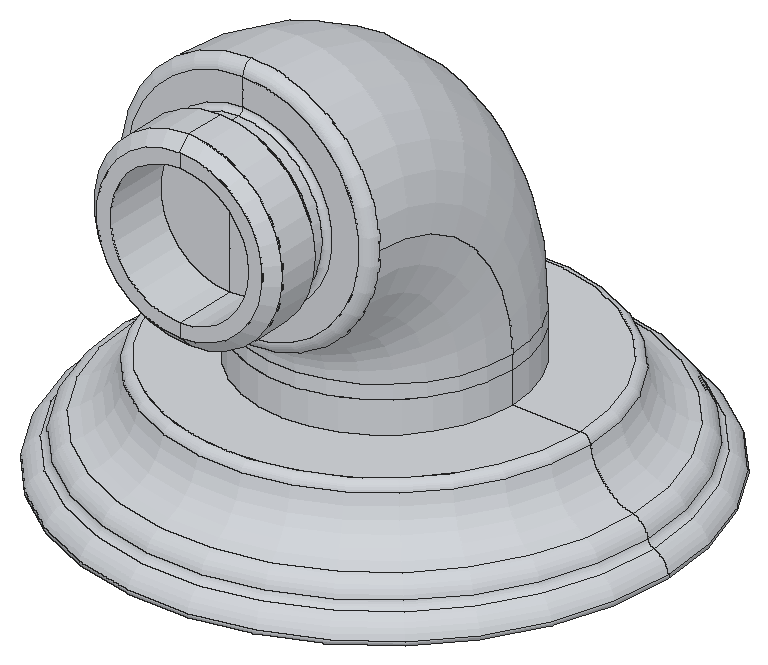
Revit family "Shower-Wall_Supply_Elbow-KOHLER-Bancroft-K-22173", category Plumbing Fixtures, host Face, Revit 2015
Parameters (values of type "CP-Polished Chrome")
  Width = 2 1/2"  # constant formula
  Waste Water Outlet = "Waste Water Outlet"  # constant formula
  Waste Connection = 1 = 0  # no
  Vent Connection = 1 = 0  # no
  URL = "https://www.us.kohler.com/us/"
  Type = 1
  Product Page URL = "http://www.us.kohler.com/us/catalog/productDetails.jsp?productNumber=22173"
  Product Name = "Bancroft"  # constant formula
  Product Documentation Link = "http://www.us.kohler.com/onlinecatalog/pdf/K-22173_spec.pdf"
  Panel Thickness = 0"
  Model = if(Type = 1, "K-22173-CP", if(Type = 2, "K-22173-SN", if(Type = 3, "K-22173-PB", if(Type = 4, "K-22173-BN", if(Type = 5, "K-22173-BV", if(Type = 6, "K-22173-2BZ", "NA"))))))  # "K-22173-CP"
  Material = "Brass Construction"  # constant formula
  MasterFormat 2004 = "22.41.23"  # constant formula
  MasterFormat 1995 = "15410"  # constant formula
  Manufacturer Address = "444 Highland Dr, Kohler, WI 53044"  # constant formula
  Manufacturer = "KOHLER Co."  # constant formula
  Length = 1 15/16"  # constant formula
  Hot Water Inlet = "Tempered Water Inlet"  # constant formula
  Height = 2 1/2"  # constant formula
  HW Connection = 1 = 1  # yes
  Finish = Kohler-Metal-CP-Polished_Chrome
  Environmental Product Declaration = ""
  Drain Included = 1 = 0  # no
  Description = "Wall-mount supply elbow with check valve"  # constant formula
  Default Elevation = 36"
  Declare Label = ""
  Date Modified = "12/17/2018"  # constant formula
  Date Created = "12/17/2018"  # constant formula
  Copyright = "Copyright KOHLER Co."  # constant formula
  Contact Us = "https://www.us.kohler.com/us/static/contact.jsp"
  Cold Water Inlet = "Cold Water Inlet"  # constant formula
  CW Connection = 1 = 0  # no
  Assembly Code = "D2010700"
  ADA Compliant = 1 = 0  # no
Types (7): name | Type | Model | Finish
  (no name) | 1 | "K-22173-CP" | Kohler-Metal-CP-Polished_Chrome
  CP-Polished Chrome | 1 | "K-22173-CP" | Kohler-Metal-CP-Polished_Chrome
  SN-Vibrant Polished Nickel | 2 | "K-22173-SN" | Kohler-Metal-SN-Vibrant_Polished_Nickel
  PB-Vibrant Polished Brass | 3 | "K-22173-PB" | Kohler-Metal-PB-Vibrant_Polished_Brass
  BN-Vibrant Brushed Nickel | 4 | "K-22173-BN" | Kohler-Metal-BN-Vibrant_Brushed_Nickel
  BV-Vibrant Brushed Bronze | 5 | "K-22173-BV" | Kohler-Metal-BV-Brushed_Bronze
  2BZ-Oil Rubbed Bronze | 6 | "K-22173-2BZ" | Kohler-Metal-2BZ-Oil_Rubbed_Bronze
Reference planes (in)
  plane 1 "Center (Front/Back)": y = 0
  plane 2: z = 0
  plane 3 "Center (Left/Right)": x = 0
  plane 4: y = 1.25
  plane 5: x = 1.25
  plane 6: y = -1.25
  plane 7: x = -1.25
  plane 8: z = 1.9375
Dimensions and locks (in)
  "Width": plane 5 to plane 7
  "Length": plane 8 to level
  "Height": plane 6 to plane 4
  aligned and locked: host face to plane 2
  aligned and locked: host face to level
Automatic sketch dimensions
  host sketch curve to host sketch curve = 96"  (x2)
Nested families (in)
  nested 1: "K-22173" at (0, 0, 0), type "K-22173"
Connectors (in)
  piping at (0, 0, 0), diameter 0.5, driven by "HW Connection", driven by "Hot Water Inlet"
    settings: on nested 1, index 1, connector inside diameter 24", connector length 0", flow factor 0, pipe flow 0 GPM, pressure drop 0.00 psi, fitting loss kfactor 0, connector angle 0.00°, fixture units 0, engagement length 0", angle of deflection 0.00°, flow configuration 0, flow direction 1, fitting loss method 0, system type 19, joint type 0, gender type 0, connector reference index -1, connector utility 1, adjustable connector no, is connector primary yes, connector description "Tempered Water Inlet"
Definition of nested family "K-22173"
  Parameters (values of type "K-22173")
    Material = none
  Reference planes (in)
    plane 1 "Center (Front/Back)": y = 0
    plane 2: z = 0
    plane 3 "Center (Left/Right)": x = 0
    plane 4: y = -1.25
    plane 5: y = 1.25
    plane 6: z = 1.9375
    plane 7: x = 1.25
    plane 8: x = -1.25
  Forms (in)
    Revolve 1, solid, material <- "Material", detail levels medium+fine
      sketch origin (0, 0, 0) x (1, 0, 0) y (0, 0, 1)
        loop
          line (0, 0) -> (0, 0.62254) -> (-0.539, 0.62254) -> (-0.5625, 0.58771) -> (-0.5625, 0.44998) -> (-0.8634, 0.44998)
          arc (-0.8634, 0.44998) -> (-0.89158, 0.43944) -> (-0.90595, 0.41301) r 0.04297
          arc (-0.90595, 0.41301) -> (-0.96717, 0.28126) -> (-1.09131, 0.20579) r 0.25
          arc (-1.09131, 0.20579) -> (-1.13513, 0.17945) -> (-1.15735, 0.13341) r 0.08941
          arc (-1.15735, 0.13341) -> (-1.16564, 0.11436) -> (-1.18209, 0.10166) r 0.0418
          arc (-1.18209, 0.10166) -> (-1.22495, 0.07009) -> (-1.24949, 0.02285) r 0.11754
          arc (-1.24949, 0.02285) -> (-1.24622, 0.00708) -> (-1.23175, 0) r 0.01831
          line (-1.23175, 0) -> (0, 0)
        axis (0, 0.62254) -> (0, 0)
      angle from 0 to 360
    Sweep 2, solid, material <- "Material", detail levels medium+fine
      path origin (0, 0, -0.00489) x (0, 1, 0) y (0, 0, 1)
        loop
          line (0, 0.59259) -> (0, 0.65425)
          arc (0, 0.65425) -> (-0.21253, 1.16735) -> (-0.72564, 1.37989) r 0.72564
      profile origin (0, 0, 0.61854) x (0, -1, 0) y (1, 0, 0)
        loop
          circle (0, 0) r 0.5625
    Revolve 3, solid, material <- "Material", detail levels medium+fine
      sketch origin (0, 0, 0) x (0, 1, 0) y (0, 0, 1)
        loop
          line (-0.69518, 1.375) -> (-0.69518, 1.91617) -> (-0.72564, 1.9375)
          arc (-0.72564, 1.9375) -> (-0.76073, 1.92089) -> (-0.775, 1.88477) r 0.05284
          line (-0.775, 1.88477) -> (-0.775, 1.76405)
          arc (-0.775, 1.76405) -> (-0.78204, 1.74704) -> (-0.79905, 1.74) r 0.02405
          line (-0.79905, 1.74) -> (-0.84958, 1.74) -> (-0.89958, 1.79) -> (-1.075, 1.79) -> (-1.125, 1.74) -> (-1.125, 1.67986) -> (-0.84965, 1.67986) -> (-0.84965, 1.375) -> (-0.69518, 1.375)
        axis (-1.125, 1.375) -> (-0.69518, 1.375)
      angle from 0 to 360
    Sweep 4, solid, material <- "Material", detail levels coarse
      path origin (0, 0, 0) x (0, 1, 0) y (0, 0, 1)
        loop
          line (0, 0.44998) -> (0, 0.63602)
          arc (0, 0.63602) -> (-0.21644, 1.15856) -> (-0.73898, 1.375) r 0.73898
          line (-0.73898, 1.375) -> (-1.125, 1.375)
      profile origin (0, 0, 0.543) x (0, -1, 0) y (1, 0, 0)
        loop
          circle (0, 0) r 0.5625
    Extrusion 5, solid, material <- "Material", detail levels coarse
      sketch origin (0, 0, 0) x (1, 0, 0) y (0, 1, 0)
        loop
          circle (0, 0) r 1.25
      from 0 to 0.44998
  Cuts and joins
    joined: Revolve 1, Sweep 2, Revolve 3
    joined: Sweep 4, Extrusion 5
  Lines and regions (in)
    Masking region 1
      outline origin (0, 0, 0) x (1, 0, 0) y (0, 1, 0)
        loop
          arc (-1.25, 0) -> (-0.88388, -0.88388) -> (0, -1.25) r 1.25
          arc (0, -1.25) -> (0.88388, -0.88388) -> (1.25, 0) r 1.25
          arc (1.25, 0) -> (0.88388, 0.88388) -> (0, 1.25) r 1.25
          arc (0, 1.25) -> (-0.88388, 0.88388) -> (-1.25, 0) r 1.25
    Masking region 2
      outline origin (0, 0, 0) x (0, 1, 0) y (0, 0, 1)
        loop
          line (-1.22715, 0) -> (1.22715, 0)
          arc (1.22715, 0) -> (1.24331, 0.00669) -> (1.25, 0.02285) r 0.02285
          arc (1.25, 0.02285) -> (1.22546, 0.07009) -> (1.1826, 0.10166) r 0.11754
          arc (1.1826, 0.10166) -> (1.16615, 0.11436) -> (1.15786, 0.13341) r 0.0418
          arc (1.15786, 0.13341) -> (1.13564, 0.17945) -> (1.09182, 0.20579) r 0.08941
          arc (1.09182, 0.20579) -> (0.96768, 0.28126) -> (0.90646, 0.41301) r 0.25
          arc (0.90646, 0.41301) -> (0.89209, 0.43944) -> (0.86391, 0.44998) r 0.04297
          line (0.86391, 0.44998) -> (0.5625, 0.44998) -> (0.5625, 0.65196)
          arc (0.5625, 0.65196) -> (0.18506, 1.56189) -> (-0.72564, 1.9375) r 1.28554
          arc (-0.72564, 1.9375) -> (-0.76073, 1.92089) -> (-0.775, 1.88477) r 0.05284
          line (-0.775, 1.88477) -> (-0.775, 1.76405)
          arc (-0.775, 1.76405) -> (-0.78204, 1.74704) -> (-0.79905, 1.74) r 0.02405
          line (-0.79905, 1.74) -> (-0.84958, 1.74) -> (-0.89958, 1.79) -> (-1.075, 1.79) -> (-1.125, 1.74) -> (-1.125, 1.01) -> (-1.075, 0.96) -> (-0.89958, 0.96) -> (-0.84958, 1.01) -> (-0.79905, 1.01)
          arc (-0.79905, 1.01) -> (-0.78204, 1.00296) -> (-0.775, 0.98595) r 0.02405
          line (-0.775, 0.98595) -> (-0.775, 0.86523)
          arc (-0.775, 0.86523) -> (-0.7599, 0.82824) -> (-0.72323, 0.8124) r 0.05284
          arc (-0.72323, 0.8124) -> (-0.60938, 0.7632) -> (-0.5625, 0.64838) r 0.16405
          line (-0.5625, 0.64838) -> (-0.5625, 0.44998) -> (-0.86391, 0.44998)
          arc (-0.86391, 0.44998) -> (-0.89209, 0.43944) -> (-0.90646, 0.41301) r 0.04297
          arc (-0.90646, 0.41301) -> (-0.96768, 0.28126) -> (-1.09182, 0.20579) r 0.25
          arc (-1.09182, 0.20579) -> (-1.13564, 0.17945) -> (-1.15786, 0.13341) r 0.08941
          arc (-1.15786, 0.13341) -> (-1.16615, 0.11436) -> (-1.1826, 0.10166) r 0.0418
          arc (-1.1826, 0.10166) -> (-1.22546, 0.07009) -> (-1.25, 0.02285) r 0.11754
          arc (-1.25, 0.02285) -> (-1.24331, 0.00669) -> (-1.22715, 0) r 0.02285
    Masking region 3
      outline origin (0, 0, 0) x (1, 0, 0) y (0, 0, 1)
        loop
          arc (1.22715, 0) -> (1.24331, 0.00669) -> (1.25, 0.02285) r 0.02285
          arc (1.25, 0.02285) -> (1.22546, 0.07009) -> (1.1826, 0.10166) r 0.11754
          arc (1.1826, 0.10166) -> (1.16615, 0.11436) -> (1.15786, 0.13341) r 0.0418
          arc (1.15786, 0.13341) -> (1.13564, 0.17945) -> (1.09182, 0.20579) r 0.08941
          arc (1.09182, 0.20579) -> (0.96768, 0.28126) -> (0.90646, 0.41301) r 0.25
          arc (0.90646, 0.41301) -> (0.89209, 0.43944) -> (0.86391, 0.44998) r 0.04297
          line (0.86391, 0.44998) -> (0.5625, 0.44998) -> (0.5625, 1.375)
          arc (0.5625, 1.375) -> (0.39775, 1.77275) -> (0, 1.9375) r 0.5625
          arc (0, 1.9375) -> (-0.39775, 1.77275) -> (-0.5625, 1.375) r 0.5625
          line (-0.5625, 1.375) -> (-0.5625, 0.44998) -> (-0.86391, 0.44998)
          arc (-0.86391, 0.44998) -> (-0.89209, 0.43944) -> (-0.90646, 0.41301) r 0.04297
          arc (-0.90646, 0.41301) -> (-0.96768, 0.28126) -> (-1.09182, 0.20579) r 0.25
          arc (-1.09182, 0.20579) -> (-1.13564, 0.17945) -> (-1.15786, 0.13341) r 0.08941
          arc (-1.15786, 0.13341) -> (-1.16615, 0.11436) -> (-1.1826, 0.10166) r 0.0418
          arc (-1.1826, 0.10166) -> (-1.22546, 0.07009) -> (-1.25, 0.02285) r 0.11754
          arc (-1.25, 0.02285) -> (-1.24331, 0.00669) -> (-1.22715, 0) r 0.02285
          line (-1.22715, 0) -> (1.22715, 0)
    symbolic lines, detail levels medium+fine
      curve 1: arc (0.415, -1.0379, 0) -> (0, 1.1178, 0) -> (-0.415, -1.0379, 0) r 1.1178
      curve 2: arc (-0.35138, -1.125, 0) -> (0, -1.1786, 0) -> (0.35138, -1.125, 0) r 1.1786
      curve 3: arc (0.365, -0.82553, 0) -> (0.41462, -0.80175, 0) -> (0.4627, -0.775, 0) r 0.90262
      curve 4: arc (-0.5625, 0, 0) -> (0, 0.5625, 0) -> (0.5625, 0, 0) r 0.5625
      curve 5: line (-0.5625, 0, 0) -> (-0.5625, -0.72169, 0)
      curve 6: line (-0.38781, -0.775, 0) -> (-0.50919, -0.775, 0)
      curve 7: arc (-0.5625, -0.72169, 0) -> (-0.54689, -0.75939, 0) -> (-0.50919, -0.775, 0) r 0.05331
      curve 8: line (-0.365, -1.125, 0) -> (-0.415, -1.075, 0)
      curve 9: line (-0.415, -1.075, 0) -> (-0.415, -0.89958, 0)
      curve 10: line (-0.415, -0.89958, 0) -> (-0.365, -0.84958, 0)
      curve 11: line (-0.365, -0.84958, 0) -> (-0.365, -0.79781, 0)
      curve 12: line (-0.365, -1.125, 0) -> (0.365, -1.125, 0)
      curve 13: arc (-0.365, -0.79781, 0) -> (-0.37168, -0.78168, 0) -> (-0.38781, -0.775, 0) r 0.02281
      curve 14: line (0.38781, -0.775, 0) -> (0.50919, -0.775, 0)
      curve 15: arc (0.5625, -0.72169, 0) -> (0.54689, -0.75939, 0) -> (0.50919, -0.775, 0) r 0.05331
      curve 16: line (0.365, -1.125, 0) -> (0.415, -1.075, 0)
      curve 17: line (0.415, -1.075, 0) -> (0.415, -0.89958, 0)
      curve 18: line (0.415, -0.89958, 0) -> (0.365, -0.84958, 0)
      curve 19: line (0.365, -0.84958, 0) -> (0.365, -0.79781, 0)
      curve 20: arc (0.365, -0.79781, 0) -> (0.37168, -0.78168, 0) -> (0.38781, -0.775, 0) r 0.02281
      curve 21: line (0.5625, 0, 0) -> (0.5625, -0.72169, 0)
      curve 22: arc (0.37148, -1.11852, 0) -> (0, 1.1786, 0) -> (-0.37148, -1.11852, 0) r 1.1786
      curve 23: arc (0.5625, -0.70591, 0) -> (0, 0.90262, 0) -> (-0.5625, -0.70591, 0) r 0.90262
      curve 24: arc (-0.4627, -0.775, 0) -> (-0.41462, -0.80175, 0) -> (-0.365, -0.82553, 0) r 0.90262
      curve 25: line (-0.38781, -0.775, 0) -> (0.38781, -0.775, 0)
      curve 26: line (-0.365, -0.84958, 0) -> (0.365, -0.84958, 0)
      curve 27: line (-0.415, -0.89958, 0) -> (0.415, -0.89958, 0)
      curve 28: line (-0.415, -1.075, 0) -> (0.415, -1.075, 0)
      curve 29: line (0, 1.1826, 0.10166) -> (0, -1.1826, 0.10166)
      curve 30: line (0, 1.09182, 0.20579) -> (0, -1.09182, 0.20579)
      curve 31: line (0, 0.5625, 0.44998) -> (0, -0.5625, 0.44998)
      curve 32: line (0, -0.775, 1.76405) -> (0, -0.775, 0.98595)
      curve 33: line (0, -0.84958, 1.74) -> (0, -0.84958, 1.01)
      curve 34: line (0, -0.89958, 1.79) -> (0, -0.89958, 0.96)
      curve 35: line (0, -1.075, 1.79) -> (0, -1.075, 0.96)
      curve 36: line (-1.1826, 0, 0.10166) -> (1.1826, 0, 0.10166)
      curve 37: line (-1.09182, 0, 0.20579) -> (1.09182, 0, 0.20579)
      curve 38: line (-0.5625, 0, 0.44998) -> (0.5625, 0, 0.44998)
  Dimensions and locks (in)
    aligned and locked: level to plane 2
